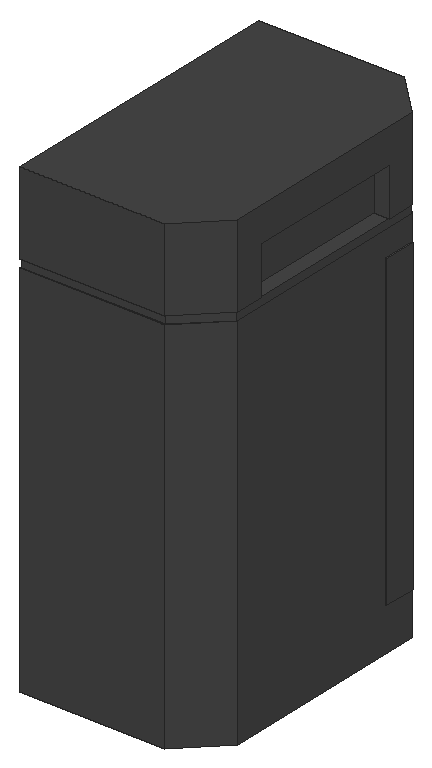
Revit family "SP4180_SDU_REVIT", category Mechanical Equipment, Revit 2014
Parameters (values of type "Standard")
  d40 = 0' - 0"
  d32 = 0' - 0"
  d28 = 0' - 0"
  d26 = 0' - 0"
  d23 = 0' - 0"
  d17 = 0' - 0"
  URL = "www.neptronic.com"
  Part Number = "SP4180_SDU_REVIT"
  Model = "SK302 & SDU1, SK304 & SDU1, SK306 & SDU1"
  Manufacturer = "Neptronic"
  Extrusion_End_2 = -d32  # 0' - 0"
  Extrusion_End_1 = -d17  # 0' - 0"
  Designer = "Antoine"
  Design Status = 1
  Description = "Electric Resistive Humidifier with Steam Distribution Unit"
  Date Created = "2014-06-25 15:40:32"
  Connector_8_Width = 0' - 0"
  Connector_8_Height = 0' - 0"
  Connector_4_Diameter = 0' - 0"
  Connector_3_Diameter = 0' - 0"
  Connector_2_Diameter = 0' - 0"
  Author = "Antoine"
Reference planes (in)
  plane 1 "Center (Front/Back)": y = 0
  plane 2: z = 0
  plane 3 "Center (Left/Right)": x = 0
  plane 4: z = 28.01868
Forms (in)
  Sweep 1, solid
    path in 3D
      loop
        line (-2.17535, 8.63093, 28.01868) -> (-2.17535, 8.63093, 4.49868)
    profile origin (-2.17535, 8.63093, 28.01868) x (1, 0, 0) y (0, 1, 0)
      loop
        line (0, 18.50918) -> (0, 0) -> (8.99827, 0) -> (11.50019, 2.50192) -> (11.50019, 16.01644) -> (9.00745, 18.50918) -> (0, 18.50918)
  Extrusion 2, void
    sketch origin (-2.17535, 8.63093, 4.49868) x (0, -1, 0) y (-1, 0, 0)
      loop
        circle (-15.875, -8) r 0.4375
      loop
        circle (-15.875, -3.75) r 0.4375
      loop
        circle (-10.187, -2) r 0.439
      loop
        circle (-11.937, -2) r 0.5315
    from 0 to -0.25
  Extrusion 3, solid
    sketch origin (-2.17535, 8.63093, 4.49868) x (0, -1, 0) y (-1, 0, 0)
      loop
        circle (-4.125, -9.125) r 0.5315
    from 0 to 0.25
  Extrusion 4, solid
    sketch origin (-2.17535, 8.63093, 28.01868) x (0, -1, 0) y (1, 0, 0)
      loop
        line (-18.45918, 0.05) -> (-0.05, 0.05) -> (-0.05, 8.97756) -> (-2.52263, 11.45019) -> (-15.99573, 11.45019) -> (-18.45918, 8.98674) -> (-18.45918, 0.05)
    from 0 to 0.5
  Extrusion 5, solid
    sketch origin (-2.12535, 8.68093, 28.51868) x (1, 0, 0) y (0, 1, 0)
      loop
        line (8.95745, 18.45918) -> (-0.05, 18.45918) -> (-0.05, -0.05) -> (8.94827, -0.05) -> (11.45019, 2.45192) -> (11.45019, 15.96644) -> (8.95745, 18.45918)
    from 0 to 5.125
  Extrusion 6, void
    sketch origin (9.32484, 11.13285, 33.64368) x (0, 0, -1) y (0, 1, 0)
      loop
        line (5.125, 11.75726) -> (2.125, 11.75726) -> (2.125, 1.75726) -> (5.125, 1.75726) -> (5.125, 11.75726)
    from 0 to -1
  Extrusion 7, solid
    sketch origin (9.32484, 11.13285, 28.01868) x (0, 0, -1) y (0, 1, 0)
      loop
        line (20.75, 13.38952) -> (1.5, 13.38952) -> (1.5, 11.38952) -> (20.75, 11.38952) -> (20.75, 13.38952)
    from 0 to 0.125
Cuts and joins
  Extrusion 2, Extrusion 6 cuts Sweep 1
  Extrusion 6 cuts Extrusion 3
  Extrusion 6 cuts Extrusion 4
  Extrusion 6 cuts Extrusion 5
  joined: Sweep 1, Extrusion 3, Extrusion 4, Extrusion 5, Extrusion 7
Lines and regions (in)
  reference lines
    curve 1: line (-2.17535, 27.14011, 28.01868) -> (-2.17535, 8.63093, 28.01868)
    curve 2: line (-2.17535, 8.63093, 28.01868) -> (6.82292, 8.63093, 28.01868)
    curve 3: line (6.82292, 8.63093, 28.01868) -> (9.32484, 11.13285, 28.01868)
    curve 4: line (9.32484, 11.13285, 28.01868) -> (9.32484, 24.64737, 28.01868)
    curve 5: line (9.32484, 24.64737, 28.01868) -> (6.8321, 27.14011, 28.01868)
    curve 6: line (6.8321, 27.14011, 28.01868) -> (-2.17535, 27.14011, 28.01868)
    curve 7: line (-2.17535, 8.63093, 28.01868) -> (-2.17535, 8.63093, 4.49868)
    curve 8: line (-2.17535, 8.63093, 28.01868) -> (-2.17535, 8.63093, 4.49868)
    curve 10: circle (5.82465, 24.50593, 4.49868) r 0.4375 normal (0, 0, -1)
    curve 11: circle (1.57465, 24.50593, 4.49868) r 0.4375 normal (0, 0, -1)
    curve 12: circle (-0.17535, 18.81793, 4.49868) r 0.439 normal (0, 0, -1)
    curve 13: circle (-0.17535, 20.56793, 4.49868) r 0.5315 normal (0, 0, -1)
    curve 14: circle (6.94965, 12.75593, 4.49868) r 0.5315 normal (0, 0, -1)
    curve 15: line (-2.12535, 27.09011, 28.01868) -> (-2.12535, 8.68093, 28.01868)
    curve 16: line (-2.12535, 8.68093, 28.01868) -> (6.80221, 8.68093, 28.01868)
    curve 17: line (6.80221, 8.68093, 28.01868) -> (9.27484, 11.15356, 28.01868)
    curve 18: line (9.27484, 11.15356, 28.01868) -> (9.27484, 24.62666, 28.01868)
    curve 19: line (9.27484, 24.62666, 28.01868) -> (6.81139, 27.09011, 28.01868)
    curve 20: line (6.81139, 27.09011, 28.01868) -> (-2.12535, 27.09011, 28.01868)
    curve 21: line (6.8321, 27.14011, 28.51868) -> (-2.17535, 27.14011, 28.51868)
    curve 22: line (-2.17535, 27.14011, 28.51868) -> (-2.17535, 8.63093, 28.51868)
    curve 23: line (-2.17535, 8.63093, 28.51868) -> (6.82292, 8.63093, 28.51868)
    curve 24: line (6.82292, 8.63093, 28.51868) -> (9.32484, 11.13285, 28.51868)
    curve 25: line (9.32484, 11.13285, 28.51868) -> (9.32484, 24.64737, 28.51868)
    curve 26: line (9.32484, 24.64737, 28.51868) -> (6.8321, 27.14011, 28.51868)
    curve 27: line (9.32484, 22.89011, 28.51868) -> (9.32484, 22.89011, 31.51868)
    curve 28: line (9.32484, 22.89011, 31.51868) -> (9.32484, 12.89011, 31.51868)
    curve 29: line (9.32484, 12.89011, 31.51868) -> (9.32484, 12.89011, 28.51868)
    curve 30: line (9.32484, 12.89011, 28.51868) -> (9.32484, 22.89011, 28.51868)
    curve 31: line (9.32484, 24.52237, 26.51868) -> (9.32484, 24.52237, 7.26868)
    curve 32: line (9.32484, 22.52237, 26.51868) -> (9.32484, 24.52237, 26.51868)
    curve 33: line (9.32484, 22.52237, 7.26868) -> (9.32484, 22.52237, 26.51868)
    curve 34: line (9.32484, 24.52237, 7.26868) -> (9.32484, 22.52237, 7.26868)
  sketch lines
    curve 9: line (-2.17535, 8.63093, 28.01868) -> (-2.17535, 8.63093, 4.49868)
Dimensions and locks (in)
  aligned and locked: plane 2 to level
  aligned and locked: Sweep 1 sketch curve to curve 1
  aligned and locked: Sweep 1 sketch curve to curve 2
  aligned and locked: Sweep 1 sketch curve to curve 3
  aligned and locked: Sweep 1 sketch curve to curve 4
  aligned and locked: Sweep 1 sketch curve to curve 5
  aligned and locked: Sweep 1 sketch curve to curve 6
  aligned and locked: curve 9 to curve 7
  aligned and locked: Extrusion 2 sketch curve to curve 10  (x2)
  aligned and locked: Extrusion 2 sketch curve to curve 11  (x2)
  aligned and locked: Extrusion 2 sketch curve to curve 12  (x2)
  aligned and locked: Extrusion 2 sketch curve to curve 13  (x2)
  aligned and locked: Extrusion 3 sketch curve to curve 14  (x2)
  aligned and locked: Extrusion 4 sketch curve to curve 15
  aligned and locked: Extrusion 4 sketch curve to curve 16
  aligned and locked: Extrusion 4 sketch curve to curve 17
  aligned and locked: Extrusion 4 sketch curve to curve 18
  aligned and locked: Extrusion 4 sketch curve to curve 19
  aligned and locked: Extrusion 4 sketch curve to curve 20
  aligned and locked: Extrusion 5 sketch curve to curve 21
  aligned and locked: Extrusion 5 sketch curve to curve 22
  aligned and locked: Extrusion 5 sketch curve to curve 23
  aligned and locked: Extrusion 5 sketch curve to curve 24
  aligned and locked: Extrusion 5 sketch curve to curve 25
  aligned and locked: Extrusion 5 sketch curve to curve 26
  aligned and locked: Extrusion 6 sketch curve to curve 27
  aligned and locked: Extrusion 6 sketch curve to curve 28
  aligned and locked: Extrusion 6 sketch curve to curve 29
  aligned and locked: Extrusion 6 sketch curve to curve 30
  aligned and locked: Extrusion 7 sketch curve to curve 31
  aligned and locked: Extrusion 7 sketch curve to curve 32
  aligned and locked: Extrusion 7 sketch curve to curve 33
  aligned and locked: Extrusion 7 sketch curve to curve 34
Connectors (in)
  piping at (6.94965, 12.75593, 4.24868), driven by "Connector_2_Diameter"
    settings: on cut or joined group of Sweep 1, Extrusion 2, Extrusion 3, Extrusion 4, Extrusion 5, Extrusion 6, Extrusion 7, index 1, connector diameter 0", connector inside diameter 24", connector length 0' - 0", flow factor 0, pipe flow 0 GPM, pressure drop 0.00 psi, fitting loss kfactor 0, connector angle 0.00°, fixture units 0, engagement length 0' - 0", angle of deflection 0.00°, flow configuration 1, flow direction 1, fitting loss method 0, system type 20, joint type 0, gender type 0, connector reference index -1, connector utility 0, adjustable connector no, is connector primary yes, connector description "Water Inlet Male 3/4'' G"
  piping at (-0.17535, 20.56793, 4.49868), driven by "Connector_3_Diameter"
    settings: on cut or joined group of Sweep 1, Extrusion 2, Extrusion 3, Extrusion 4, Extrusion 5, Extrusion 6, Extrusion 7, index 2, connector diameter 0", connector inside diameter 24", connector length 0' - 0", flow factor 0, pipe flow 0 GPM, pressure drop 0.00 psi, fitting loss kfactor 0, connector angle 0.00°, fixture units 0, engagement length 0' - 0", angle of deflection 0.00°, flow configuration 1, flow direction 2, fitting loss method 0, system type 16, joint type 0, gender type 0, connector reference index -1, connector utility 0, adjustable connector no, is connector primary no, connector description "Main drain 3/4''"
  piping at (-0.17535, 18.81793, 4.49868), driven by "Connector_4_Diameter"
    settings: on cut or joined group of Sweep 1, Extrusion 2, Extrusion 3, Extrusion 4, Extrusion 5, Extrusion 6, Extrusion 7, index 3, connector diameter 0", connector inside diameter 24", connector length 0' - 0", flow factor 0, pipe flow 0 GPM, pressure drop 0.00 psi, fitting loss kfactor 0, connector angle 0.00°, fixture units 0, engagement length 0' - 0", angle of deflection 0.00°, flow configuration 1, flow direction 2, fitting loss method 0, system type 16, joint type 0, gender type 0, connector reference index -1, connector utility 0, adjustable connector no, is connector primary no, connector description "Pan Drip drain outlet 1/2''"
  electrical at (1.57465, 24.50593, 4.49868)
    settings: on cut or joined group of Sweep 1, Extrusion 2, Extrusion 3, Extrusion 4, Extrusion 5, Extrusion 6, Extrusion 7, index 4, voltage 0 V, apparent load 0 VA, apparent load phase1 0 VA, apparent load phase2 0 VA, apparent load phase3 0 VA, power factor 1, load classification "Other", number of poles 1, system type 13, power factor state 1, is connector primary yes, connector utility no, sub classification motor no, connector description "Low volt control inlet (KO)"
  electrical at (5.82465, 24.50593, 4.49868)
    settings: on cut or joined group of Sweep 1, Extrusion 2, Extrusion 3, Extrusion 4, Extrusion 5, Extrusion 6, Extrusion 7, index 5, voltage 0 V, apparent load 0 VA, apparent load phase1 0 VA, apparent load phase2 0 VA, apparent load phase3 0 VA, power factor 0, load classification "Other", number of poles 1, system type 30, power factor state 1, is connector primary no, connector utility no, sub classification motor no, connector description "Power supply inlet (KO)"
  hvac at (8.32484, 17.89011, 30.01868), driven by "Connector_8_Height", driven by "Connector_8_Width"
    settings: on cut or joined group of Sweep 1, Extrusion 2, Extrusion 3, Extrusion 4, Extrusion 5, Extrusion 6, Extrusion 7, index 6, duct flow 0 CFM, flow factor 0, pres drop 0.00 in-wg, loss coef 0, conn angle 0.00°, conn width 0", conn height 0", conn diameter 24", duct sys type 29, conn prof type 1, flow config 1, flow direction 2, loss method 0, conn ref index -1, conn util no, is conn primary yes, conn desc "Steam & air distribution"
